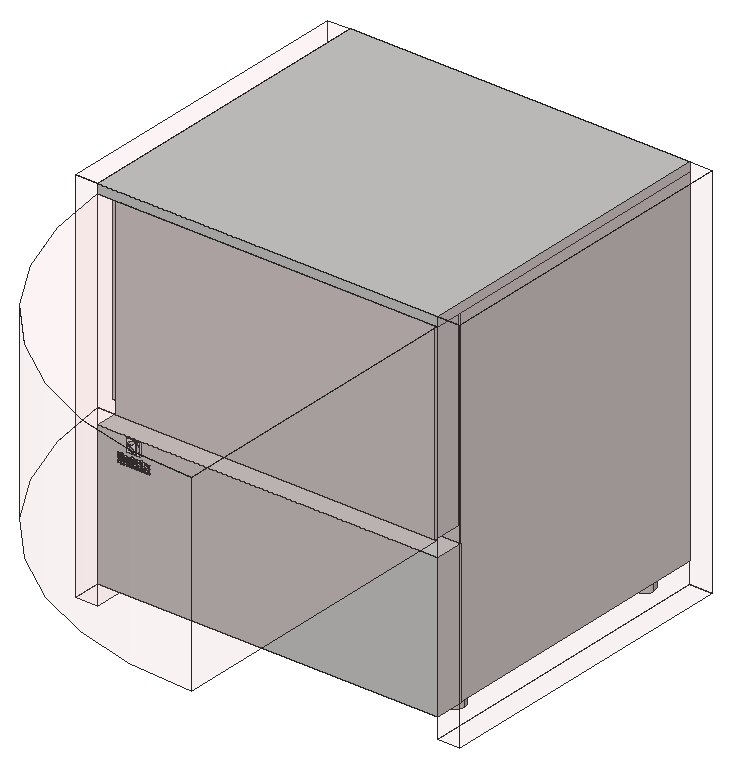
Revit family "QF_ELECTROLUXPROFESSIONAL_725445_ECBCFA025UE", category Attrezzature speciali, Revit 2018
Family settings
  Quota connettore circolare = Usa diametro
  Tipo di parte = Normale
  Basato su piano di lavoro = No
  Sempre verticale = Sì
  Taglio con vuoti quando caricato = No
  Condiviso = No
  Punto di calcolo locali = No
Parameters (values of type "Standard")
  Weight = 105.00 kg
  Watts = 1600 W
  Volts = 220 V
  URL Manufacturer = "https://www.electroluxprofessional.com/"
  URL = "https://www.electroluxprofessional.com/"
  Steam Supply Size = 0 mm
  Steam Supply Minimum Pressure = 0.0 Pa
  Steam Supply Maximum Pressure = 0.0 Pa
  Steam Consumption per Hour = 0
  Show Logo [instance] = yes
  Show Clearance [instance] = yes
  Refrigeration Suction Line Size = 0 mm
  Refrigeration Liquid Line Size = 0 mm
  Refrigerant Compressor Remote = yes
  Produttore = "Electrolux Professional"
  Phase = 1
  Modello = "ECBCFA025UE"
  Length Actual = 762 mm  # constant formula
  Item Number = "725445"
  Hot Water Size = 0 mm
  Height Actual = 850 mm  # constant formula
  HP = "2.1 HP"
  Gas Size = 0 mm
  Gas KW = 0
  Gas Input Pressure = 0 W
  Direct Waste Size = 0 mm
  Descrizione = "BLAST CHILLER/FREEZER CW 25KG 5 GN 1/1 - R452A - UNDERCOUNTER"
  Depth Actual = 708 mm  # constant formula
  Cycle = 50 Hz
  Condensate Return Size = 0 mm
  Compressed Air Volume = 0.0 L/s
  Compressed Air Size = 0 mm
  Compressed Air Pressure = 0.0 Pa
  Cold Water Size = 0 mm
  Accessory = yes
Types (2, lengths in mm): name | URL | Produttore | Phase | Modello | Descrizione
  (no name) | 0 | 0 | 0 | 0 | 0
  Standard | "https://www.electroluxprofessional.com/" | "Electrolux Professional" | 1 | "ECBCFA025UE" | "BLAST CHILLER/FREEZER CW 25KG 5 GN 1/1 - R452A - UNDERCOUNTER"
Values of the unnamed type that differ from the named types
  Weight = 0.00 kg
  Watts = 0 W
  Volts = 0 V
  URL Manufacturer = ""
  Item Number = ""
  HP = ""
  Cycle = 0 Hz
Reference planes
  plane 1 "Center X": y = 193.851
  plane 2: z = 0
  plane 3 "Center Y": x = -378
  plane 4 "LEFT": x = -759
  plane 5 "BACK": y = 547.851
  plane 6 "RIGHT": x = 3
  plane 7 "FRONT": y = -160.149
  plane 8: z = 45
  plane 9 "TOP": z = 850
  plane 10: x = -703
  plane 11: y = 491.851
  plane 12: x = -53
  plane 13: y = -39.149
  plane 14: z = 830
  plane 15: y = -851.149
Forms (mm)
  Extrusion 1, solid, material "QF_Finishes_Stainless Steel"
    sketch origin (0, 0, 850) x (-1, 0, 0) y (0, -1, 0)
      loop
        line (759, -547.851) -> (759, 95.149) -> (-3, 95.149) -> (-3, -547.851) -> (759, -547.851)
    from -20 to -802
  Extrusion 2, solid, material "QF_Finishes_Stainless Steel"
    sketch origin (-499.727, 547.851, 687) x (1, 0, 0) y (0, 0, -1)
      loop
        circle (121.727, 592) r 10.5
    from 0 to 10
  Extrusion 3, solid, material "QF_Finishes_Stainless Steel"
    sketch origin (-1206.916, -1524, 45) x (-1, 0, 0) y (0, -1, 0)
      loop
        line (-447.916, -1363.851) -> (-1209.916, -1363.851) -> (-1209.916, -1428.851) -> (-447.916, -1428.851) -> (-447.916, -1363.851)
    from 320.766 to 0
  Extrusion 4, solid, material "QF_Finishes_Stainless Steel"
    sketch origin (-623, 0, 1060.038) x (1, 0, 0) y (0, 1, 0)
      loop
        line (620, -160.149) -> (620, -95.149) -> (-136, -95.149) -> (-136, -160.149) -> (620, -160.149)
    from -230.038 to -660.038
  Extrusion 5, solid, material "QF_Finishes_Stainless Steel"
    sketch origin (-1206.916, -1524, 882) x (-1, 0, 0) y (0, -1, 0)
      loop
        line (-447.916, -2071.851) -> (-447.916, -1363.851) -> (-1209.916, -1363.851) -> (-1209.916, -2071.851) -> (-447.916, -2071.851)
    from -32 to -52
  Extrusion 6, solid, material "QF_Clearance", visible <- "Show Clearance"
    sketch origin (0, 0, 0) x (1, 0, 0) y (0, 1, 0)
      loop
        line (-759, 547.851) -> (-809, 547.851) -> (-809, -160.149) -> (-759, -160.149) -> (-759, 547.851)
      loop
        line (53, 547.851) -> (3, 547.851) -> (3, -160.149) -> (53, -160.149) -> (53, 547.851)
    from 0 to 850
  Extrusion 7, solid, material "QF_Finishes_Stainless Steel"
    sketch origin (0, 0, 0) x (1, 0, 0) y (0, 1, 0)
      loop
        circle (-703, -39.149) r 20
      loop
        circle (-703, 491.851) r 20
      loop
        circle (-53, 491.851) r 20
      loop
        circle (-53, -39.149) r 20
    from 0 to 45
  Extrusion 8, void
    sketch origin (0, 0, 0) x (1, 0, 0) y (0, 1, 0)
      loop
        line (-759, -160.149) -> (-719, -160.149) -> (-719, -120.149) -> (-759, -120.149) -> (-759, -160.149)
    from 400 to 830
  Extrusion 9, solid, material "QF_Finishes_Stainless Steel"
    sketch origin (0, -65.734, 35) x (1, 0, 0) y (0, 1, 0)
      loop
        circle (-378, 228.585) r 10
    from 0 to 10
  Extrusion 10, solid, material "QF_Clearance", visible <- "Show Clearance"
    sketch origin (0, 0, 0) x (1, 0, 0) y (0, 1, 0)
      loop
        line (3, -160.149) -> (-759, -160.149)
        arc (-759, -160.149) -> (-520.402, -662.683) -> (3, -851.149) r 729.929
        line (3, -851.149) -> (3, -160.149)
    from 400 to 830
Cuts and joins
  joined: Extrusion 1, Extrusion 2
  Extrusion 8 cuts Extrusion 3
  Extrusion 8 cuts Extrusion 6
  Extrusion 8 cuts Extrusion 4
Lines and regions (mm)
  Split face 1
    outline origin (3, -160.149, 45) x (-1, 0, 0) y (0, 0, -1)
      loop
        line (762, -257) -> (562, -257) -> (537.858, -232.858) -> (224.142, -232.858) -> (200, -257) -> (0, -257)
  Split face 2
    outline origin (3, -160.149, 45) x (-1, 0, 0) y (0, 0, -1)
      loop
        line (762, -202) -> (0, -202)
  Split face 3
    outline origin (3, -160.149, 45) x (-1, 0, 0) y (0, 0, -1)
      loop
        line (408.5, -305.998) -> (408.5, -290.998) -> (353.5, -290.998) -> (353.5, -305.998) -> (408.5, -305.998)
  Split face 4
    outline origin (3, -160.149, 20) x (-1, 0, 0) y (0, 0, -1)
      loop
        line (408.5, -305.998) -> (408.5, -290.998) -> (353.5, -290.998) -> (353.5, -305.998) -> (408.5, -305.998)
  symbolic lines
    curve 1: line (-759, 547.851, 850) -> (3, 547.851, 850)
    curve 2: line (-759, -160.149, 850) -> (-759, 547.851, 850)
    curve 3: line (3, 547.851, 850) -> (3, -160.149, 850)
    curve 4: line (3, -160.149, 0) -> (-759, -160.149, 0)
  symbolic lines, style "QF_Clearances"
    curve 5: line (-809, 547.851, 0) -> (-809, -160.149, 0)
    curve 6: line (-809, -160.149, 0) -> (-759, -160.149, 0)
    curve 7: line (53, 547.851, 0) -> (3, 547.851, 0)
    curve 8: line (53, 547.851, 0) -> (53, -160.149, 0)
    curve 9: line (-759, 547.851, 0) -> (-809, 547.851, 0)
    curve 10: line (3, -160.149, 0) -> (53, -160.149, 0)
  symbolic lines, style "QF_Door-Drawer Clearances"
    curve 11: line (3, -851.149, 0) -> (3, -160.149, 0)
    curve 12: arc (-759, -160.149, 0) -> (-520.402, -662.683, 0) -> (3, -851.149, 0) r 729.929
Dimensions and locks
  equal spacing: plane 4 "LEFT", plane 3 "Center Y", plane 6 "RIGHT"
  plane 4 "LEFT" to plane 6 "RIGHT" = 762 mm
  plane 5 "BACK" to plane 7 "FRONT" = 708 mm
  equal spacing: plane 5 "BACK", plane 1 "Center X", plane 7 "FRONT"
  cut or joined group of Extrusion 1, Extrusion 2 to Extrusion 2 sketch curve = 381 mm
  level to Extrusion 2 sketch curve = 95 mm
  Extrusion 2 sketch curve to plane 4 "LEFT" = 381 mm
  plane 9 "TOP" to plane 2 = 850 mm
  locked: plane 9 "TOP" to plane 14 at 20
  plane 8 to level = 45 mm
  plane 6 "RIGHT" to plane 12 = 56 mm
  plane 5 "BACK" to plane 15 = 1399 mm
  aligned and locked: level to plane 2
  aligned and locked: Extrusion 1 to plane 4 "LEFT"
  aligned and locked: plane 6 "RIGHT" to Extrusion 1
  aligned and locked: plane 14 to cut or joined group of Extrusion 1, Extrusion 2
  aligned and locked: plane 5 "BACK" to Extrusion 1
  aligned and locked: plane 8 to Extrusion 7
Automatic sketch dimensions
  curve 6 to plane 7 "FRONT" = 0 mm
  curve 5 to plane 5 "BACK" = 0 mm
  curve 9 to plane 4 "LEFT" = 0 mm
  curve 4 to plane 4 "LEFT" = 0 mm
  curve 10 to plane 6 "RIGHT" = 0 mm
  curve 7 to plane 5 "BACK" = 0 mm
  curve 7 to plane 6 "RIGHT" = 0 mm
  curve 9 to curve 9 = 50 mm
  plane 6 "RIGHT" to curve 8 = 50 mm
  Extrusion 1 sketch curve to plane 5 "BACK" = 0 mm
  Extrusion 1 sketch curve to plane 6 "RIGHT" = 0 mm
  Extrusion 1 sketch curve to plane 4 "LEFT" = 0 mm
  Extrusion 1 sketch curve to plane 13 = 56 mm
  curve 1 to plane 5 "BACK" = 0 mm
  curve 1 to plane 6 "RIGHT" = 0 mm
  curve 2 to plane 4 "LEFT" = 0 mm
  curve 3 to plane 7 "FRONT" = 0 mm
  curve 2 to plane 7 "FRONT" = 0 mm
  Extrusion 3 sketch curve to plane 6 "RIGHT" = 0 mm
  Extrusion 3 sketch curve to plane 4 "LEFT" = 0 mm
  Extrusion 3 sketch curve to plane 7 "FRONT" = 0 mm
  Extrusion 3 sketch curve to plane 13 = 56 mm
  Extrusion 4 sketch curve to plane 4 "LEFT" = 0 mm
  Extrusion 4 sketch curve to plane 7 "FRONT" = 0 mm
  Extrusion 4 sketch curve to plane 6 "RIGHT" = 6 mm
  Extrusion 4 sketch curve to plane 13 = 56 mm
  Extrusion 5 sketch curve to plane 5 "BACK" = 0 mm
  Extrusion 5 sketch curve to plane 6 "RIGHT" = 0 mm
  Extrusion 5 sketch curve to plane 4 "LEFT" = 0 mm
  Extrusion 5 sketch curve to plane 7 "FRONT" = 0 mm
  Split face 1 sketch curve to Extrusion 3 = 0 mm
  Extrusion 3 to Split face 1 sketch curve = 0 mm
  Split face 1 sketch curve to Extrusion 3 = 63.766 mm
  Split face 1 sketch curve to Extrusion 3 = 200 mm
  Split face 1 sketch curve to Split face 1 sketch curve = 24.142 mm  (x3)
  Split face 1 sketch curve to Extrusion 3 = 87.908 mm
  Split face 1 sketch curve to Extrusion 3 = 224.142 mm
  Split face 2 sketch curve to Extrusion 3 = 0 mm
  Extrusion 3 to Split face 2 sketch curve = 0 mm
  Split face 2 sketch curve to Extrusion 3 = 118.766 mm
  Split face 3 sketch curve to Extrusion 3 = 14.768 mm
  Split face 3 sketch curve to Extrusion 3 = 353.5 mm
  Split face 3 sketch curve to Split face 3 sketch curve = 55 mm
  Split face 3 sketch curve to Split face 3 sketch curve = 15 mm
  Split face 4 sketch curve to Extrusion 3 = 39.768 mm
  Split face 4 sketch curve to Extrusion 3 = 353.5 mm
  Split face 4 sketch curve to Split face 4 sketch curve = 55 mm
  Split face 4 sketch curve to Split face 4 sketch curve = 15 mm
  Extrusion 6 sketch curve to plane 7 "FRONT" = 0 mm  (x2)
  Extrusion 6 sketch curve to plane 5 "BACK" = 0 mm  (x2)
  Extrusion 6 sketch curve to plane 4 "LEFT" = 0 mm
  Extrusion 6 sketch curve to plane 6 "RIGHT" = 0 mm
  Extrusion 6 sketch curve to Extrusion 6 sketch curve = 50 mm
  plane 6 "RIGHT" to Extrusion 6 sketch curve = 50 mm
  Extrusion 7 sketch curve to plane 10 = 0 mm  (x2)
  Extrusion 7 sketch curve to plane 12 = 0 mm  (x2)
  Extrusion 7 sketch curve to plane 11 = 0 mm  (x2)
  Extrusion 7 sketch curve to plane 13 = 0 mm  (x2)
  Extrusion 8 sketch curve to plane 4 "LEFT" = 0 mm
  Extrusion 8 sketch curve to plane 7 "FRONT" = 0 mm
  Extrusion 8 sketch curve to plane 10 = 16 mm
  plane 7 "FRONT" to Extrusion 8 sketch curve = 40 mm
  Extrusion 9 sketch curve to plane 3 "Center Y" = 0 mm
  plane 1 "Center X" to Extrusion 9 sketch curve = 31 mm
  Extrusion 10 sketch curve to plane 4 "LEFT" = 0 mm
  Extrusion 10 sketch curve to plane 6 "RIGHT" = 0 mm
  Extrusion 10 sketch curve to plane 15 = 0 mm
  Extrusion 10 sketch curve to plane 7 "FRONT" = 0 mm
  plane 12 to Extrusion 10 sketch curve = 22.929 mm
  curve 11 to plane 15 = 0 mm
  plane 12 to curve 12 = 22.929 mm
  radius of Extrusion 2 sketch curve = 10.5 mm
  radius of Extrusion 7 sketch curve = 20 mm  (x4)
  radius of Extrusion 9 sketch curve = 10 mm
Nested families
  nested 1: "ELX_Pro_Logo" at (-678, -160.149, 331.25) x (1, 0, 0) z (0, -1, 0), type "ELX_Pro_Logo"
Connectors
  electrical at (-378, 557.851, 95), driven by "Volts"
    settings: on Extrusion 2, index 5, voltage 220 V, apparent load 0 VA, apparent load phase1 0 VA, apparent load phase2 0 VA, apparent load phase3 0 VA, power factor 1, load classification "Altro", number of poles 1, system type 30, power factor state 1, is connector primary yes, connector utility no, sub classification motor no, connector description "Electrical Connection"
  piping at (-378, 162.851, 35), diameter 20
    settings: on Extrusion 9, index 6, connector inside diameter 609.6 mm, connector length 0 mm, flow factor 0, pipe flow 0.0 L/s, pressure drop 0.0 Pa, fitting loss kfactor 0, connector angle 0.00°, fixture units 0, engagement length 0 mm, angle of deflection 0.00°, flow configuration 0, flow direction 0, fitting loss method 0, system type 16, joint type 0, gender type 0, connector reference index -1, connector utility 0, adjustable connector no, is connector primary yes, connector description ""
Definition of nested family "ELX_Pro_Logo"
  Parameters (values of type "ELX_Pro_Logo")
    M = none
    Default Elevation = 0 mm
  Reference planes
    plane 1 "Centro (Fronte/Retro)": y = 0
    plane 2: z = 0
    plane 3 "Centro (Sinistra/Destra)": x = 0
  Forms (mm)
    Extrusion 1, solid
      sketch origin (0, 0, 0) x (1, 0, 0) y (0, 1, 0)
        loop
          line (-1219.2, 1219.2) -> (-1219.2, -1219.2) -> (1219.2, -1219.2) -> (1219.2, 1219.2) -> (-1219.2, 1219.2)
      from 0 to -304.8
    Extrusion 2, solid, material <- "M"
      sketch origin (-144.622, -1081.55, 0) x (-1, 0, 0) y (0, -1, 0)
        loop
          line (-111.329, -1069.559) -> (-111.329, -1071.073) -> (-116.048, -1071.073) -> (-116.048, -1072.896) -> (-111.328, -1072.896) -> (-111.328, -1075.549) -> (-116.349, -1075.549) -> (-116.349, -1077.368) -> (-109.396, -1077.368) -> (-109.396, -1073.46) -> (-109.396, -1069.659)
          arc (-109.396, -1069.659) -> (-110.425, -1067.175) -> (-112.909, -1066.146) r 3.513
          line (-112.909, -1066.146) -> (-116.483, -1066.146) -> (-116.483, -1067.963) -> (-112.925, -1067.963)
          arc (-112.925, -1067.963) -> (-111.797, -1068.431) -> (-111.329, -1069.559) r 1.596
        loop
          line (-119.79, -1077.358) -> (-117.856, -1077.358) -> (-117.856, -1072.053) -> (-117.856, -1066.132) -> (-119.79, -1066.132) -> (-119.79, -1072.092) -> (-119.79, -1077.358)
        loop
          line (-122.986, -1069.718) -> (-129.327, -1069.718)
          arc (-129.327, -1069.718) -> (-129.219, -1071.449) -> (-128.497, -1073.026) r 4.757
          arc (-128.497, -1073.026) -> (-125.237, -1074.5) -> (-121.978, -1073.026) r 4.34
          arc (-121.978, -1073.026) -> (-121.072, -1070.207) -> (-121.978, -1067.388) r 4.838
          arc (-121.978, -1067.388) -> (-125.393, -1065.933) -> (-128.809, -1067.388) r 4.737
          line (-128.809, -1067.388) -> (-127.645, -1068.52)
          arc (-127.645, -1068.52) -> (-125.509, -1067.576) -> (-123.374, -1068.52) r 2.888
          arc (-123.374, -1068.52) -> (-123.05, -1069.077) -> (-122.986, -1069.718) r 1.527
        loop
          arc (-127.386, -1071.076) -> (-126.67, -1072.331) -> (-125.331, -1072.872) r 2.201
          arc (-125.331, -1072.872) -> (-123.848, -1072.402) -> (-123.033, -1071.076) r 2.23
          line (-123.033, -1071.076) -> (-127.386, -1071.076)
        loop
          line (-136.862, -1071.886) -> (-138.059, -1073.132)
          arc (-138.059, -1073.132) -> (-130.327, -1070.219) -> (-138.059, -1067.306) r 4.415
          line (-138.059, -1067.306) -> (-136.862, -1068.553)
          arc (-136.862, -1068.553) -> (-132.252, -1070.22) -> (-136.862, -1071.886) r 2.606
        loop
          line (-141.192, -1069.673) -> (-141.192, -1072.494) -> (-142.951, -1072.494) -> (-142.951, -1074.25) -> (-141.195, -1074.25) -> (-141.195, -1077.358) -> (-139.262, -1077.358) -> (-139.262, -1073.332) -> (-139.262, -1069.514)
          arc (-139.262, -1069.514) -> (-140.299, -1066.92) -> (-142.98, -1066.132) r 3.196
          line (-142.98, -1066.132) -> (-142.987, -1067.949)
          arc (-142.987, -1067.949) -> (-141.652, -1068.356) -> (-141.192, -1069.673) r 1.542
        loop
          line (-146.494, -1073.042) -> (-146.494, -1074.25) -> (-144.576, -1074.25) -> (-144.576, -1070.271) -> (-144.576, -1066.132) -> (-146.494, -1066.132) -> (-146.494, -1070.401)
          arc (-146.494, -1070.401) -> (-147.446, -1072.228) -> (-149.489, -1072.494) r 2.229
          line (-149.489, -1072.494) -> (-149.489, -1074.362)
          arc (-149.489, -1074.362) -> (-147.761, -1074.226) -> (-146.494, -1073.042) r 2.627
        loop
          line (-159.833, -1072.246) -> (-159.833, -1066.131) -> (-161.767, -1066.131) -> (-161.767, -1072.17) -> (-161.767, -1077.359) -> (-159.833, -1077.359) -> (-159.833, -1072.246)
        loop
          line (-165.194, -1069.514) -> (-165.194, -1074.25) -> (-163.245, -1074.25) -> (-163.245, -1071.898) -> (-163.245, -1069.098)
          arc (-163.245, -1069.098) -> (-166.96, -1065.769) -> (-170.687, -1069.085) r 3.745
          line (-170.687, -1069.085) -> (-170.687, -1071.898) -> (-170.687, -1074.25) -> (-168.739, -1074.25) -> (-168.739, -1069.514)
          arc (-168.739, -1069.514) -> (-166.967, -1067.742) -> (-165.194, -1069.514) r 1.772
        loop
          line (-174.654, -1070.416) -> (-172.975, -1068.078) -> (-171.578, -1066.131) -> (-173.656, -1066.131) -> (-175.717, -1068.999) -> (-177.779, -1066.131) -> (-179.857, -1066.131) -> (-178, -1068.728) -> (-176.781, -1070.433) -> (-178.29, -1072.488) -> (-179.583, -1074.25) -> (-177.473, -1074.25) -> (-175.717, -1071.818) -> (-173.945, -1074.25) -> (-171.852, -1074.25) -> (-173.052, -1072.608) -> (-174.654, -1070.416)
        loop
          circle (-154.223, -1070.188) r 2.508
        loop
          circle (-154.223, -1070.188) r 4.42
        loop
          line (-110.224, -1058.542) -> (-111.194, -1058.542)
          arc (-111.194, -1058.542) -> (-112.217, -1059.95) -> (-110.924, -1061.114) r 1.3
          line (-110.924, -1061.114) -> (-109.424, -1061.114) -> (-109.424, -1057.223) -> (-110.224, -1057.223) -> (-110.224, -1058.542)
        loop
          line (-110.224, -1060.379) -> (-110.224, -1059.293) -> (-111.03, -1059.293)
          arc (-111.03, -1059.293) -> (-111.43, -1059.836) -> (-111.03, -1060.379) r 0.569
          line (-111.03, -1060.379) -> (-110.224, -1060.379)
        loop
          line (-116.302, -1058.564) -> (-117.128, -1058.564) -> (-117.934, -1057.223) -> (-118.841, -1057.223) -> (-117.833, -1058.884)
          arc (-117.833, -1058.884) -> (-118.214, -1060.282) -> (-117.028, -1061.114) r 1.26
          line (-117.028, -1061.114) -> (-115.503, -1061.114) -> (-115.503, -1057.223) -> (-116.302, -1057.223) -> (-116.302, -1058.564)
        loop
          line (-116.302, -1060.379) -> (-116.302, -1059.293) -> (-117.109, -1059.293)
          arc (-117.109, -1059.293) -> (-117.508, -1059.836) -> (-117.109, -1060.379) r 0.569
          line (-117.109, -1060.379) -> (-116.302, -1060.379)
        loop
          line (-128.923, -1057.223) -> (-129.723, -1057.223) -> (-129.723, -1058.714) -> (-131.187, -1058.714) -> (-131.187, -1059.514) -> (-129.723, -1059.514) -> (-129.723, -1060.314) -> (-131.327, -1060.314) -> (-131.327, -1061.114) -> (-128.923, -1061.114) -> (-128.923, -1057.223)
        loop
          arc (-134.628, -1058.469) -> (-134.992, -1057.588) -> (-135.874, -1057.223) r 1.246
          line (-135.874, -1057.223) -> (-137.13, -1057.223) -> (-137.13, -1058.023) -> (-135.969, -1058.023)
          arc (-135.969, -1058.023) -> (-135.53, -1058.237) -> (-135.427, -1058.714) r 0.558
          line (-135.427, -1058.714) -> (-136.984, -1058.714) -> (-136.984, -1059.514) -> (-135.427, -1059.514) -> (-135.427, -1060.314) -> (-137.092, -1060.314) -> (-137.092, -1061.114) -> (-134.628, -1061.114) -> (-134.628, -1058.469)
        loop
          line (-152.3, -1057.223) -> (-153.1, -1057.223) -> (-153.1, -1061.114) -> (-152.3, -1061.114) -> (-152.3, -1057.223)
        loop
          line (-164.67, -1057.223) -> (-164.67, -1059.67) -> (-166.45, -1057.223) -> (-167.25, -1057.223) -> (-167.25, -1061.114) -> (-166.42, -1061.114) -> (-166.42, -1058.594) -> (-164.64, -1061.114) -> (-163.84, -1061.114) -> (-163.84, -1057.223) -> (-164.67, -1057.223)
        loop
          line (-170.403, -1057.223) -> (-171.262, -1057.223) -> (-171.641, -1058.063) -> (-173.08, -1058.063) -> (-173.459, -1057.223) -> (-174.317, -1057.223) -> (-172.796, -1061.113) -> (-171.996, -1061.113) -> (-170.403, -1057.223)
        loop
          line (-177.493, -1057.223) -> (-179.789, -1057.223) -> (-179.789, -1058.023) -> (-178.293, -1058.023) -> (-178.293, -1061.114) -> (-177.493, -1061.114) -> (-177.493, -1057.223)
        loop
          line (-172.362, -1059.848) -> (-171.945, -1058.83) -> (-172.76, -1058.83) -> (-172.362, -1059.848)
        loop
          circle (-158.484, -1059.145) r 1.288
        loop
          circle (-158.484, -1059.145) r 2.065
        loop
          arc (-146.04, -1058.095) -> (-146.933, -1057.275) -> (-148.145, -1057.245) r 1.725
          arc (-148.145, -1057.245) -> (-148.965, -1058.02) -> (-148.68, -1059.111) r 1.107
          arc (-148.68, -1059.111) -> (-148.103, -1059.465) -> (-147.486, -1059.746) r 5.523
          arc (-147.486, -1059.746) -> (-147.147, -1060.262) -> (-147.708, -1060.52) r 0.407
          arc (-147.708, -1060.52) -> (-148.045, -1060.315) -> (-148.325, -1060.038) r 1.702
          line (-148.325, -1060.038) -> (-149.011, -1060.45)
          arc (-149.011, -1060.45) -> (-148.578, -1060.911) -> (-148.043, -1061.247) r 2.463
          arc (-148.043, -1061.247) -> (-146.373, -1060.466) -> (-147.42, -1058.949) r 1.207
          spline (-147.42, -1058.949) -> (-147.716, -1058.809) -> (-147.932, -1058.678) -> (-148.077, -1058.557) -> (-148.163, -1058.446) -> (-148.198, -1058.347) -> (-148.192, -1058.258) -> (-148.157, -1058.182) -> (-148.102, -1058.118) -> (-148.037, -1058.068) -> (-147.972, -1058.031) -> (-147.917, -1058.008) -> (-147.883, -1058)
          arc (-147.883, -1058) -> (-147.238, -1058.014) -> (-146.759, -1058.446) r 0.925
          line (-146.759, -1058.446) -> (-146.04, -1058.095)
        loop
          arc (-140.18, -1058.095) -> (-141.073, -1057.275) -> (-142.285, -1057.245) r 1.725
          arc (-142.285, -1057.245) -> (-143.106, -1058.02) -> (-142.821, -1059.111) r 1.107
          arc (-142.821, -1059.111) -> (-142.243, -1059.465) -> (-141.627, -1059.746) r 5.523
          arc (-141.627, -1059.746) -> (-141.287, -1060.262) -> (-141.849, -1060.52) r 0.407
          arc (-141.849, -1060.52) -> (-142.185, -1060.315) -> (-142.466, -1060.038) r 1.702
          line (-142.466, -1060.038) -> (-143.151, -1060.45)
          arc (-143.151, -1060.45) -> (-142.719, -1060.911) -> (-142.183, -1061.247) r 2.463
          arc (-142.183, -1061.247) -> (-140.513, -1060.466) -> (-141.56, -1058.949) r 1.207
          spline (-141.56, -1058.949) -> (-141.856, -1058.809) -> (-142.072, -1058.678) -> (-142.218, -1058.557) -> (-142.303, -1058.446) -> (-142.338, -1058.347) -> (-142.333, -1058.258) -> (-142.298, -1058.182) -> (-142.242, -1058.118) -> (-142.177, -1058.068) -> (-142.112, -1058.031) -> (-142.057, -1058.008) -> (-142.023, -1058)
          arc (-142.023, -1058) -> (-141.378, -1058.014) -> (-140.9, -1058.446) r 0.925
          line (-140.9, -1058.446) -> (-140.18, -1058.095)
        loop
          circle (-123.484, -1059.145) r 1.288
        loop
          circle (-123.484, -1059.145) r 2.065
        loop
          line (-130.225, -1113.361) -> (-130.225, -1084.645) -> (-158.979, -1084.645) -> (-158.979, -1113.361) -> (-130.225, -1113.361)
        loop
          arc (-148.442, -1086.055) -> (-157.992, -1098.973) -> (-148.442, -1111.892) r 13.512
          line (-148.442, -1111.892) -> (-148.442, -1086.055)
        loop
          line (-147.127, -1086.055) -> (-147.127, -1087.926)
          arc (-147.127, -1087.926) -> (-143.116, -1095.125) -> (-135.48, -1098.224) r 12.412
          line (-135.48, -1098.224) -> (-131.205, -1098.224)
          arc (-131.205, -1098.224) -> (-136.382, -1088.497) -> (-147.127, -1086.055) r 13.242
        loop
          line (-147.127, -1110.021) -> (-147.127, -1112.224)
          arc (-147.127, -1112.224) -> (-136.374, -1109.53) -> (-131.205, -1099.722) r 13.588
          line (-131.205, -1099.722) -> (-135.48, -1099.722)
          arc (-135.48, -1099.722) -> (-143.116, -1102.822) -> (-147.127, -1110.021) r 12.412
      from 0 to 1.6
  Lines and regions (mm)
    symbolic lines
      curve 1: line (-14.357, 31.811, 0) -> (14.357, 31.811, 0)
      curve 2: line (-14.357, 3.095, 0) -> (-14.357, 31.811, 0)
      curve 3: line (14.357, 3.095, 0) -> (-14.357, 3.095, 0)
      curve 4: line (14.357, 31.811, 0) -> (14.357, 3.095, 0)
      curve 5: line (-8.32, 7.722, 0) -> (-9.387, 8.738, 0)
      curve 6: line (-9.387, 8.738, 0) -> (-10.331, 9.866, 0)
      curve 7: line (-10.331, 9.866, 0) -> (-11.141, 11.095, 0)
      curve 8: line (-11.141, 11.095, 0) -> (-11.805, 12.411, 0)
      curve 9: line (-11.805, 12.411, 0) -> (-12.31, 13.803, 0)
      curve 10: line (-12.31, 13.803, 0) -> (-12.646, 15.26, 0)
      curve 11: line (-12.646, 15.26, 0) -> (-12.8, 16.77, 0)
      curve 12: line (-12.8, 16.77, 0) -> (-10.081, 16.77, 0)
      curve 13: line (-10.081, 16.77, 0) -> (-8.466, 16.661, 0)
      curve 14: line (-8.466, 16.661, 0) -> (-6.88, 16.344, 0)
      curve 15: line (-6.88, 16.344, 0) -> (-5.345, 15.833, 0)
      curve 16: line (-5.345, 15.833, 0) -> (-3.882, 15.143, 0)
      curve 17: line (-3.882, 15.143, 0) -> (-2.511, 14.288, 0)
      curve 18: line (-2.511, 14.288, 0) -> (-1.255, 13.283, 0)
      curve 19: line (-1.255, 13.283, 0) -> (-0.135, 12.143, 0)
      curve 20: line (-0.135, 12.143, 0) -> (0.83, 10.882, 0)
      curve 21: line (0.83, 10.882, 0) -> (1.616, 9.515, 0)
      curve 22: arc (1.616, 9.515, 0) -> (2.419, 7.28, 0) -> (2.7, 4.923, 0) r 10.532
      curve 23: arc (2.7, 4.923, 0) -> (1.362, 4.715, 0) -> (0.011, 4.633, 0) r 14.39
      curve 24: line (0.011, 4.633, 0) -> (-1.56, 4.731, 0)
      curve 25: line (-1.56, 4.731, 0) -> (-3.062, 5.011, 0)
      curve 26: line (-3.062, 5.011, 0) -> (-4.502, 5.462, 0)
      curve 27: line (-4.502, 5.462, 0) -> (-5.866, 6.072, 0)
      curve 28: line (-5.866, 6.072, 0) -> (-7.142, 6.829, 0)
      curve 29: line (-7.142, 6.829, 0) -> (-8.32, 7.722, 0)
      curve 30: line (-10.802, 24.24, 0) -> (-9.872, 25.531, 0)
      curve 31: line (-9.872, 25.531, 0) -> (-8.796, 26.699, 0)
      curve 32: line (-8.796, 26.699, 0) -> (-7.587, 27.728, 0)
      curve 33: line (-7.587, 27.728, 0) -> (-6.258, 28.602, 0)
      curve 34: line (-6.258, 28.602, 0) -> (-4.823, 29.309, 0)
      curve 35: line (-4.823, 29.309, 0) -> (-3.293, 29.832, 0)
      curve 36: line (-3.293, 29.832, 0) -> (-1.683, 30.156, 0)
      curve 37: arc (-1.683, 30.156, 0) -> (0.517, 30.256, 0) -> (2.702, 29.984, 0) r 13.008
      curve 38: arc (2.702, 29.984, 0) -> (2.453, 27.616, 0) -> (1.617, 25.387, 0) r 9.395
      curve 39: line (1.617, 25.387, 0) -> (0.83, 24.018, 0)
      curve 40: line (0.83, 24.018, 0) -> (-0.134, 22.756, 0)
      curve 41: line (-0.134, 22.756, 0) -> (-1.255, 21.615, 0)
      curve 42: line (-1.255, 21.615, 0) -> (-2.512, 20.609, 0)
      curve 43: line (-2.512, 20.609, 0) -> (-3.882, 19.754, 0)
      curve 44: line (-3.882, 19.754, 0) -> (-5.346, 19.063, 0)
      curve 45: line (-5.346, 19.063, 0) -> (-6.881, 18.551, 0)
      curve 46: line (-6.881, 18.551, 0) -> (-8.467, 18.234, 0)
      curve 47: line (-8.467, 18.234, 0) -> (-10.083, 18.125, 0)
      curve 48: line (-10.083, 18.125, 0) -> (-12.798, 18.125, 0)
      curve 49: line (-12.798, 18.125, 0) -> (-12.584, 19.768, 0)
      curve 50: line (-12.584, 19.768, 0) -> (-12.171, 21.343, 0)
      curve 51: line (-12.171, 21.343, 0) -> (-11.572, 22.839, 0)
      curve 52: line (-11.572, 22.839, 0) -> (-10.802, 24.24, 0)
      curve 53: line (4.048, 5.294, 0) -> (4.048, 29.617, 0)
      curve 54: line (4.048, 29.617, 0) -> (5.525, 29.026, 0)
      curve 55: line (5.525, 29.026, 0) -> (6.905, 28.26, 0)
      curve 56: line (6.905, 28.26, 0) -> (8.174, 27.332, 0)
      curve 57: line (8.174, 27.332, 0) -> (9.318, 26.256, 0)
      curve 58: line (9.318, 26.256, 0) -> (10.323, 25.046, 0)
      curve 59: line (10.323, 25.046, 0) -> (11.177, 23.715, 0)
      curve 60: line (11.177, 23.715, 0) -> (11.865, 22.277, 0)
      curve 61: line (11.865, 22.277, 0) -> (12.375, 20.746, 0)
      curve 62: line (12.375, 20.746, 0) -> (12.693, 19.135, 0)
      curve 63: line (12.693, 19.135, 0) -> (12.804, 17.459, 0)
      curve 64: line (12.804, 17.459, 0) -> (12.702, 15.807, 0)
      curve 65: line (12.702, 15.807, 0) -> (12.396, 14.216, 0)
      curve 66: line (12.396, 14.216, 0) -> (11.897, 12.7, 0)
      curve 67: line (11.897, 12.7, 0) -> (11.218, 11.271, 0)
      curve 68: line (11.218, 11.271, 0) -> (10.372, 9.944, 0)
      curve 69: line (10.372, 9.944, 0) -> (9.37, 8.731, 0)
      curve 70: line (9.37, 8.731, 0) -> (8.224, 7.646, 0)
      curve 71: line (8.224, 7.646, 0) -> (6.947, 6.703, 0)
      curve 72: line (6.947, 6.703, 0) -> (5.551, 5.914, 0)
      curve 73: line (5.551, 5.914, 0) -> (4.048, 5.294, 0)
      curve 74: line (-35.227, -8.09, 0) -> (-35.227, -11.891, 0)
      curve 75: arc (-35.227, -11.891, 0) -> (-34.198, -14.375, 0) -> (-31.714, -15.404, 0) r 3.513
      curve 76: line (-31.714, -15.404, 0) -> (-28.139, -15.404, 0)
      curve 77: line (-28.139, -15.404, 0) -> (-28.139, -13.587, 0)
      curve 78: line (-28.139, -13.587, 0) -> (-31.697, -13.587, 0)
      curve 79: arc (-31.697, -13.587, 0) -> (-32.826, -13.119, 0) -> (-33.293, -11.991, 0) r 1.596
      curve 80: line (-33.293, -11.991, 0) -> (-33.293, -10.477, 0)
      curve 81: line (-33.293, -10.477, 0) -> (-28.574, -10.477, 0)
      curve 82: line (-28.574, -10.477, 0) -> (-28.574, -8.654, 0)
      curve 83: line (-28.574, -8.654, 0) -> (-33.294, -8.654, 0)
      curve 84: line (-33.294, -8.654, 0) -> (-33.294, -6.001, 0)
      curve 85: line (-33.294, -6.001, 0) -> (-28.273, -6.001, 0)
      curve 86: line (-28.273, -6.001, 0) -> (-28.273, -4.182, 0)
      curve 87: line (-28.273, -4.182, 0) -> (-35.227, -4.182, 0)
      curve 88: line (-35.227, -4.182, 0) -> (-35.227, -8.09, 0)
      curve 89: line (-24.833, -9.458, 0) -> (-24.833, -4.192, 0)
      curve 90: line (-24.833, -4.192, 0) -> (-26.766, -4.192, 0)
      curve 91: line (-26.766, -4.192, 0) -> (-26.766, -9.497, 0)
      curve 92: line (-26.766, -9.497, 0) -> (-26.766, -15.418, 0)
      curve 93: line (-26.766, -15.418, 0) -> (-24.833, -15.418, 0)
      curve 94: line (-24.833, -15.418, 0) -> (-24.833, -9.458, 0)
      curve 95: arc (-16.125, -8.524, 0) -> (-19.385, -7.05, 0) -> (-22.645, -8.524, 0) r 4.34
      curve 96: arc (-22.645, -8.524, 0) -> (-23.551, -11.343, 0) -> (-22.645, -14.162, 0) r 4.838
      curve 97: arc (-22.645, -14.162, 0) -> (-19.229, -15.617, 0) -> (-15.813, -14.162, 0) r 4.737
      curve 98: line (-15.813, -14.162, 0) -> (-16.978, -13.03, 0)
      curve 99: arc (-16.978, -13.03, 0) -> (-19.113, -13.974, 0) -> (-21.249, -13.03, 0) r 2.888
      curve 100: arc (-21.249, -13.03, 0) -> (-21.572, -12.473, 0) -> (-21.637, -11.832, 0) r 1.527
      curve 101: line (-21.637, -11.832, 0) -> (-15.295, -11.832, 0)
      curve 102: arc (-15.295, -11.832, 0) -> (-15.404, -10.101, 0) -> (-16.125, -8.524, 0) r 4.757
      curve 103: line (-17.236, -10.474, 0) -> (-21.589, -10.474, 0)
      curve 104: arc (-21.589, -10.474, 0) -> (-20.774, -9.148, 0) -> (-19.291, -8.678, 0) r 2.23
      curve 105: arc (-19.291, -8.678, 0) -> (-17.952, -9.219, 0) -> (-17.236, -10.474, 0) r 2.201
      curve 106: arc (-6.563, -8.418, 0) -> (-14.295, -11.331, 0) -> (-6.563, -14.244, 0) r 4.415
      curve 107: line (-6.563, -14.244, 0) -> (-7.761, -12.997, 0)
      curve 108: arc (-7.761, -12.997, 0) -> (-12.371, -11.33, 0) -> (-7.761, -9.664, 0) r 2.606
      curve 109: line (-7.761, -9.664, 0) -> (-6.563, -8.418, 0)
      curve 110: line (-5.361, -4.192, 0) -> (-5.361, -8.218, 0)
      curve 111: line (-5.361, -8.218, 0) -> (-5.361, -12.036, 0)
      curve 112: arc (-5.361, -12.036, 0) -> (-4.323, -14.63, 0) -> (-1.642, -15.418, 0) r 3.196
      curve 113: line (-1.642, -15.418, 0) -> (-1.636, -13.601, 0)
      curve 114: arc (-1.636, -13.601, 0) -> (-2.97, -13.194, 0) -> (-3.43, -11.877, 0) r 1.542
      curve 115: line (-3.43, -11.877, 0) -> (-3.43, -9.056, 0)
      curve 116: line (-3.43, -9.056, 0) -> (-1.672, -9.056, 0)
      curve 117: line (-1.672, -9.056, 0) -> (-1.672, -7.299, 0)
      curve 118: line (-1.672, -7.299, 0) -> (-3.427, -7.299, 0)
      curve 119: line (-3.427, -7.299, 0) -> (-3.427, -4.192, 0)
      curve 120: line (-3.427, -4.192, 0) -> (-5.361, -4.192, 0)
      curve 121: line (1.872, -7.3, 0) -> (-0.046, -7.3, 0)
      curve 122: line (-0.046, -7.3, 0) -> (-0.046, -11.279, 0)
      curve 123: line (-0.046, -11.279, 0) -> (-0.046, -15.418, 0)
      curve 124: line (-0.046, -15.418, 0) -> (1.872, -15.418, 0)
      curve 125: line (1.872, -15.418, 0) -> (1.872, -11.149, 0)
      curve 126: arc (1.872, -11.149, 0) -> (2.824, -9.322, 0) -> (4.867, -9.056, 0) r 2.229
      curve 127: line (4.867, -9.056, 0) -> (4.867, -7.188, 0)
      curve 128: arc (4.867, -7.188, 0) -> (3.138, -7.324, 0) -> (1.872, -8.508, 0) r 2.627
      curve 129: line (1.872, -8.508, 0) -> (1.872, -7.3, 0)
      curve 130: arc (7.092, -11.362, 0) -> (9.601, -8.854, 0) -> (12.109, -11.362, 0) r 2.508
      curve 131: arc (12.109, -11.362, 0) -> (9.601, -13.871, 0) -> (7.092, -11.362, 0) r 2.508
      curve 132: arc (5.18, -11.362, 0) -> (9.601, -15.783, 0) -> (14.021, -11.362, 0) r 4.42
      curve 133: arc (14.021, -11.362, 0) -> (9.601, -6.942, 0) -> (5.18, -11.362, 0) r 4.42
      curve 134: line (15.211, -4.191, 0) -> (15.211, -9.304, 0)
      curve 135: line (15.211, -9.304, 0) -> (15.211, -15.419, 0)
      curve 136: line (15.211, -15.419, 0) -> (17.145, -15.419, 0)
      curve 137: line (17.145, -15.419, 0) -> (17.145, -9.38, 0)
      curve 138: line (17.145, -9.38, 0) -> (17.145, -4.191, 0)
      curve 139: line (17.145, -4.191, 0) -> (15.211, -4.191, 0)
      curve 140: line (18.622, -7.299, 0) -> (18.622, -9.652, 0)
      curve 141: line (18.622, -9.652, 0) -> (18.622, -12.452, 0)
      curve 142: arc (18.622, -12.452, 0) -> (22.338, -15.781, 0) -> (26.064, -12.465, 0) r 3.745
      curve 143: line (26.064, -12.465, 0) -> (26.064, -9.652, 0)
      curve 144: line (26.064, -9.652, 0) -> (26.064, -7.299, 0)
      curve 145: line (26.064, -7.299, 0) -> (24.116, -7.299, 0)
      curve 146: line (24.116, -7.299, 0) -> (24.116, -12.036, 0)
      curve 147: arc (24.116, -12.036, 0) -> (22.344, -13.808, 0) -> (20.572, -12.036, 0) r 1.772
      curve 148: line (20.572, -12.036, 0) -> (20.572, -7.299, 0)
      curve 149: line (20.572, -7.299, 0) -> (18.622, -7.299, 0)
      curve 150: line (28.43, -8.942, 0) -> (30.032, -11.134, 0)
      curve 151: line (30.032, -11.134, 0) -> (28.353, -13.472, 0)
      curve 152: line (28.353, -13.472, 0) -> (26.955, -15.419, 0)
      curve 153: line (26.955, -15.419, 0) -> (29.033, -15.419, 0)
      curve 154: line (29.033, -15.419, 0) -> (31.095, -12.551, 0)
      curve 155: line (31.095, -12.551, 0) -> (33.156, -15.419, 0)
      curve 156: line (33.156, -15.419, 0) -> (35.234, -15.419, 0)
      curve 157: line (35.234, -15.419, 0) -> (33.378, -12.822, 0)
      curve 158: line (33.378, -12.822, 0) -> (32.158, -11.117, 0)
      curve 159: line (32.158, -11.117, 0) -> (33.668, -9.062, 0)
      curve 160: line (33.668, -9.062, 0) -> (34.961, -7.3, 0)
      curve 161: line (34.961, -7.3, 0) -> (32.851, -7.3, 0)
      curve 162: line (32.851, -7.3, 0) -> (31.095, -9.732, 0)
      curve 163: line (31.095, -9.732, 0) -> (29.323, -7.3, 0)
      curve 164: line (29.323, -7.3, 0) -> (27.23, -7.3, 0)
      curve 165: line (27.23, -7.3, 0) -> (28.43, -8.942, 0)
      curve 166: line (-35.198, -20.436, 0) -> (-35.198, -24.327, 0)
      curve 167: line (-35.198, -24.327, 0) -> (-34.398, -24.327, 0)
      curve 168: line (-34.398, -24.327, 0) -> (-34.398, -23.008, 0)
      curve 169: line (-34.398, -23.008, 0) -> (-33.428, -23.008, 0)
      curve 170: arc (-33.428, -23.008, 0) -> (-32.405, -21.6, 0) -> (-33.699, -20.436, 0) r 1.3
      curve 171: line (-33.699, -20.436, 0) -> (-35.198, -20.436, 0)
      curve 172: line (-34.398, -22.257, 0) -> (-34.398, -21.171, 0)
      curve 173: line (-34.398, -21.171, 0) -> (-33.592, -21.171, 0)
      curve 174: arc (-33.592, -21.171, 0) -> (-33.192, -21.714, 0) -> (-33.592, -22.257, 0) r 0.569
      curve 175: line (-33.592, -22.257, 0) -> (-34.398, -22.257, 0)
      curve 176: line (-29.12, -20.436, 0) -> (-29.12, -24.327, 0)
      curve 177: line (-29.12, -24.327, 0) -> (-28.32, -24.327, 0)
      curve 178: line (-28.32, -24.327, 0) -> (-28.32, -22.986, 0)
      curve 179: line (-28.32, -22.986, 0) -> (-27.494, -22.986, 0)
      curve 180: line (-27.494, -22.986, 0) -> (-26.688, -24.327, 0)
      curve 181: line (-26.688, -24.327, 0) -> (-25.781, -24.327, 0)
      curve 182: line (-25.781, -24.327, 0) -> (-26.789, -22.666, 0)
      curve 183: arc (-26.789, -22.666, 0) -> (-26.409, -21.268, 0) -> (-27.594, -20.436, 0) r 1.26
      curve 184: line (-27.594, -20.436, 0) -> (-29.12, -20.436, 0)
      curve 185: line (-28.32, -22.257, 0) -> (-28.32, -21.171, 0)
      curve 186: line (-28.32, -21.171, 0) -> (-27.514, -21.171, 0)
      curve 187: arc (-27.514, -21.171, 0) -> (-27.114, -21.714, 0) -> (-27.514, -22.257, 0) r 0.569
      curve 188: line (-27.514, -22.257, 0) -> (-28.32, -22.257, 0)
      curve 189: arc (-22.427, -22.405, 0) -> (-21.138, -21.117, 0) -> (-19.85, -22.405, 0) r 1.288
      curve 190: arc (-19.85, -22.405, 0) -> (-21.138, -23.694, 0) -> (-22.427, -22.405, 0) r 1.288
      curve 191: arc (-23.203, -22.405, 0) -> (-21.138, -24.47, 0) -> (-19.074, -22.405, 0) r 2.065
      curve 192: arc (-19.074, -22.405, 0) -> (-21.138, -20.34, 0) -> (-23.203, -22.405, 0) r 2.065
      curve 193: line (-15.7, -20.436, 0) -> (-15.7, -24.327, 0)
      curve 194: line (-15.7, -24.327, 0) -> (-14.9, -24.327, 0)
      curve 195: line (-14.9, -24.327, 0) -> (-14.9, -22.836, 0)
      curve 196: line (-14.9, -22.836, 0) -> (-13.436, -22.836, 0)
      curve 197: line (-13.436, -22.836, 0) -> (-13.436, -22.036, 0)
      curve 198: line (-13.436, -22.036, 0) -> (-14.9, -22.036, 0)
      curve 199: line (-14.9, -22.036, 0) -> (-14.9, -21.236, 0)
      curve 200: line (-14.9, -21.236, 0) -> (-13.295, -21.236, 0)
      curve 201: line (-13.295, -21.236, 0) -> (-13.295, -20.436, 0)
      curve 202: line (-13.295, -20.436, 0) -> (-15.7, -20.436, 0)
      curve 203: line (-9.995, -20.436, 0) -> (-9.995, -23.081, 0)
      curve 204: arc (-9.995, -23.081, 0) -> (-9.63, -23.962, 0) -> (-8.749, -24.327, 0) r 1.246
      curve 205: line (-8.749, -24.327, 0) -> (-7.492, -24.327, 0)
      curve 206: line (-7.492, -24.327, 0) -> (-7.492, -23.527, 0)
      curve 207: line (-7.492, -23.527, 0) -> (-8.653, -23.527, 0)
      curve 208: arc (-8.653, -23.527, 0) -> (-9.092, -23.313, 0) -> (-9.195, -22.836, 0) r 0.558
      curve 209: line (-9.195, -22.836, 0) -> (-7.639, -22.836, 0)
      curve 210: line (-7.639, -22.836, 0) -> (-7.639, -22.036, 0)
      curve 211: line (-7.639, -22.036, 0) -> (-9.195, -22.036, 0)
      curve 212: line (-9.195, -22.036, 0) -> (-9.195, -21.236, 0)
      curve 213: line (-9.195, -21.236, 0) -> (-7.53, -21.236, 0)
      curve 214: line (-7.53, -21.236, 0) -> (-7.53, -20.436, 0)
      curve 215: line (-7.53, -20.436, 0) -> (-9.995, -20.436, 0)
      curve 216: arc (-4.442, -23.455, 0) -> (-3.549, -24.275, 0) -> (-2.337, -24.305, 0) r 1.725
      curve 217: arc (-2.337, -24.305, 0) -> (-1.517, -23.53, 0) -> (-1.802, -22.439, 0) r 1.107
      curve 218: arc (-1.802, -22.439, 0) -> (-2.379, -22.085, 0) -> (-2.996, -21.804, 0) r 5.523
      curve 219: arc (-2.996, -21.804, 0) -> (-3.336, -21.288, 0) -> (-2.774, -21.03, 0) r 0.407
      curve 220: arc (-2.774, -21.03, 0) -> (-2.437, -21.235, 0) -> (-2.157, -21.512, 0) r 1.702
      curve 221: line (-2.157, -21.512, 0) -> (-1.471, -21.1, 0)
      curve 222: arc (-1.471, -21.1, 0) -> (-1.904, -20.639, 0) -> (-2.44, -20.303, 0) r 2.463
      curve 223: arc (-2.44, -20.303, 0) -> (-4.109, -21.084, 0) -> (-3.062, -22.601, 0) r 1.207
      curve 224: line (-3.062, -22.601, 0) -> (-2.6, -23.549, 0)
      curve 225: arc (-2.6, -23.549, 0) -> (-3.244, -23.536, 0) -> (-3.723, -23.104, 0) r 0.925
      curve 226: line (-3.723, -23.104, 0) -> (-4.442, -23.455, 0)
      curve 227: arc (1.418, -23.455, 0) -> (2.311, -24.275, 0) -> (3.523, -24.305, 0) r 1.725
      curve 228: arc (3.523, -24.305, 0) -> (4.343, -23.53, 0) -> (4.058, -22.439, 0) r 1.107
      curve 229: arc (4.058, -22.439, 0) -> (3.48, -22.085, 0) -> (2.864, -21.804, 0) r 5.523
      curve 230: arc (2.864, -21.804, 0) -> (2.524, -21.288, 0) -> (3.086, -21.03, 0) r 0.407
      curve 231: arc (3.086, -21.03, 0) -> (3.423, -21.235, 0) -> (3.703, -21.512, 0) r 1.702
      curve 232: line (3.703, -21.512, 0) -> (4.389, -21.1, 0)
      curve 233: arc (4.389, -21.1, 0) -> (3.956, -20.639, 0) -> (3.42, -20.303, 0) r 2.463
      curve 234: arc (3.42, -20.303, 0) -> (1.75, -21.084, 0) -> (2.798, -22.601, 0) r 1.207
      curve 235: line (2.798, -22.601, 0) -> (3.26, -23.549, 0)
      curve 236: arc (3.26, -23.549, 0) -> (2.616, -23.536, 0) -> (2.137, -23.104, 0) r 0.925
      curve 237: line (2.137, -23.104, 0) -> (1.418, -23.455, 0)
      curve 238: line (7.678, -24.327, 0) -> (8.478, -24.327, 0)
      curve 239: line (8.478, -24.327, 0) -> (8.478, -20.436, 0)
      curve 240: line (8.478, -20.436, 0) -> (7.678, -20.436, 0)
      curve 241: line (7.678, -20.436, 0) -> (7.678, -24.327, 0)
      curve 242: arc (11.797, -22.405, 0) -> (13.862, -24.47, 0) -> (15.926, -22.405, 0) r 2.065
      curve 243: arc (15.15, -22.405, 0) -> (13.862, -23.694, 0) -> (12.573, -22.405, 0) r 1.288
      curve 244: arc (12.573, -22.405, 0) -> (13.862, -21.117, 0) -> (15.15, -22.405, 0) r 1.288
      curve 245: arc (15.926, -22.405, 0) -> (13.862, -20.34, 0) -> (11.797, -22.405, 0) r 2.065
      curve 246: line (19.217, -20.436, 0) -> (19.217, -24.327, 0)
      curve 247: line (19.217, -24.327, 0) -> (20.048, -24.327, 0)
      curve 248: line (20.048, -24.327, 0) -> (20.048, -21.88, 0)
      curve 249: line (20.048, -21.88, 0) -> (21.828, -24.327, 0)
      curve 250: line (21.828, -24.327, 0) -> (22.628, -24.327, 0)
      curve 251: line (22.628, -24.327, 0) -> (22.628, -20.436, 0)
      curve 252: line (22.628, -20.436, 0) -> (21.797, -20.436, 0)
      curve 253: line (21.797, -20.436, 0) -> (21.797, -22.956, 0)
      curve 254: line (21.797, -22.956, 0) -> (20.017, -20.436, 0)
      curve 255: line (20.017, -20.436, 0) -> (19.217, -20.436, 0)
      curve 256: line (27.374, -20.437, 0) -> (25.781, -24.327, 0)
      curve 257: line (25.781, -24.327, 0) -> (26.64, -24.327, 0)
      curve 258: line (26.64, -24.327, 0) -> (27.018, -23.487, 0)
      curve 259: line (27.018, -23.487, 0) -> (28.458, -23.487, 0)
      curve 260: line (28.458, -23.487, 0) -> (28.836, -24.327, 0)
      curve 261: line (28.836, -24.327, 0) -> (29.695, -24.327, 0)
      curve 262: line (29.695, -24.327, 0) -> (28.174, -20.437, 0)
      curve 263: line (28.174, -20.437, 0) -> (27.374, -20.437, 0)
      curve 264: line (27.322, -22.72, 0) -> (27.739, -21.702, 0)
      curve 265: line (27.739, -21.702, 0) -> (28.137, -22.72, 0)
      curve 266: line (28.137, -22.72, 0) -> (27.322, -22.72, 0)
      curve 267: line (32.87, -20.436, 0) -> (32.87, -24.327, 0)
      curve 268: line (32.87, -24.327, 0) -> (35.166, -24.327, 0)
      curve 269: line (35.166, -24.327, 0) -> (35.166, -23.527, 0)
      curve 270: line (35.166, -23.527, 0) -> (33.67, -23.527, 0)
      curve 271: line (33.67, -23.527, 0) -> (33.67, -20.436, 0)
      curve 272: line (33.67, -20.436, 0) -> (32.87, -20.436, 0)
  Dimensions and locks
    aligned and locked: plane 2 to Extrusion 1
    aligned and locked: level to Extrusion 1
